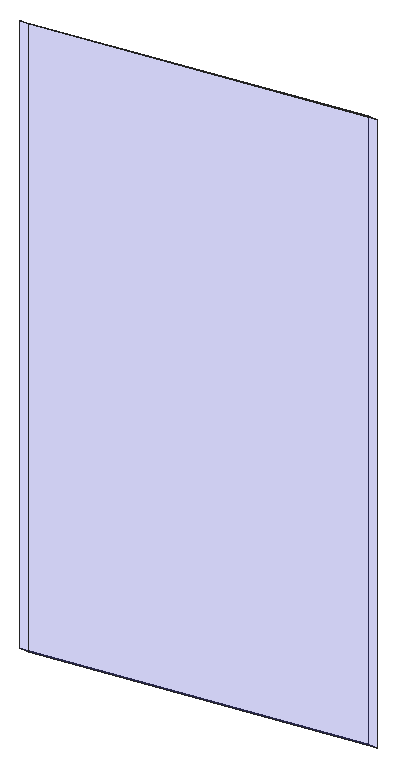
Revit family "Glazing Panel", category 난간동자, Revit 2026
Family settings
  항상 수직 = 예
  로드될 때 보이드를 사용하여 절단 = 아니오
  공유 = 아니오
Parameters (values of type "600mm Wide Panel 10mmV Gap")
  Width = 600 mm
  Vertical Gap = 10 mm
  built-in parameter 1008623 [instance] = (empty or 0)
  built-in parameter 1008625 [instance] = 32.47°
  Post = no
  built-in parameter 1008624 [instance] = (empty or 0)
  built-in parameter 1008622 [instance] = 750 mm
Types (4, lengths in mm): name | Width | Vertical Gap
  (no name) | 600 | 10
  800mm Wide Panel 20mmV Gap | 800 | 20
  1000mm Wide Panel 20mmV Gap | 1000 | 20
  600mm Wide Panel 10mmV Gap | 600 | 10
Reference planes
  plane 1 "Center (Front/Back)": y = 0
  plane 2: z = 0
  plane 3 "Center (Left/Right)": x = 0
  plane 4 "Top": z = 750
  plane 5 "Top Cut Angle": through (0, 339.699, 533.838) normal (0, -0.5369, -0.8437)
  plane 6 "Bottom Cut Angle": through (0, 0, 0) normal (0, -0.5369, -0.8437)
  plane 7 "Front": y = 300
  plane 8 "Back": y = -300
  plane 9: y = -290
  plane 10: y = 290
Forms (mm)
  Extrusion 1, solid, material "Glass"
    sketch origin (0, 0, 0) x (0, 1, 0) y (0, 0, 1)
      loop
        line (290, 565.463) -> (-290, 934.537) -> (-290, 184.537) -> (290, -184.537) -> (290, 565.463)
    from -6 to 6
Text (mm)
  text "Baluster Panel Elevation" at (0, 774.199, 1016.929), in view "Left"
Dimensions and locks
  "built-in parameter 1008622": plane 2 to plane 4 "Top"
  equal spacing: plane 7 "Front", plane 1 "Center (Front/Back)", plane 8 "Back"
  "Width": plane 7 "Front" to plane 8 "Back"
  "Vertical Gap": plane 8 "Back" to plane 9
  "Vertical Gap": plane 10 to plane 7 "Front"
  "built-in parameter 1008625": angle plane 4 "Top" to plane 5 "Top Cut Angle"
  "built-in parameter 1008625": angle level to plane 6 "Bottom Cut Angle"
  aligned and locked: Extrusion 1 sketch curve to plane 5 "Top Cut Angle"
  aligned and locked: Extrusion 1 sketch curve to plane 6 "Bottom Cut Angle"
  aligned and locked: plane 9 to Extrusion 1 sketch curve
  aligned and locked: Extrusion 1 sketch curve to plane 10
